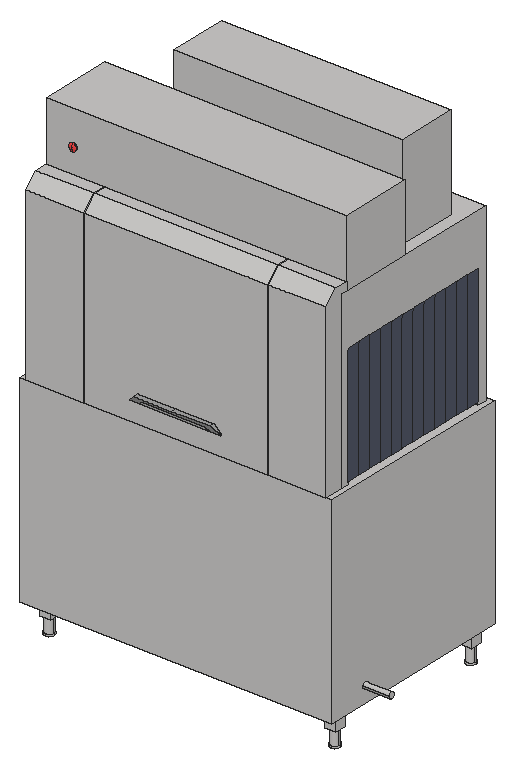
Revit family "QF_ELECTROLUXPROFESSIONAL_520426_ESR20EL3", category Specialty Equipment, Revit 2018
Family settings
  Round Connector Dimension = Use Diameter
  Part Type = Normal
  Work Plane-Based = No
  Always vertical = Yes
  Cut with Voids When Loaded = No
  Shared = No
  Room Calculation Point = No
Parameters
  Weight = 258.00 kg
  Watts = 0 W
  Volts = 0 V
  URL Manufacturer = ""
  URL = ""
  Steam Supply Size = 0 mm
  Steam Supply Minimum Pressure = 0.0 Pa
  Steam Supply Maximum Pressure = 0.0 Pa
  Steam Pounds per Hour = 0
  Show Clearance [instance] = yes
  Refrigeration Suction Line Size = 0 mm
  Refrigeration Liquid Line Size = 0 mm
  Refrigerant Compressor Remote = yes
  Manufacturer = ""
  Phase = 0
  Model = ""
  Length Actual = 1148 mm  # constant formula
  L_R [instance] = yes
  Item Number = ""
  Hot Water Size = 0 mm
  Height Actual = 1846 mm  # constant formula
  HP = "67.7 HP"
  Gas Size = 0 mm
  Gas KW = 0
  Gas Input Pressure = 0 W
  Direct Waste Size = 50.8 mm
  Description = ""
  Depth Actual = 800 mm  # constant formula
  Cycle = 0 Hz
  Condensate Return Size = 0 mm
  Compressed Air Volume = 0.0 L/s
  Compressed Air Size = 0 mm
  Compressed Air Pressure = 0.0 Pa
  Cold Water Size = 0 mm
  Accessory = yes
Types (2, lengths in mm): name | Volts | URL Manufacturer | URL | Manufacturer | Phase | Model | Item Number | Description | Cycle
  (no name) | 0 V | "" | "" | "" | 0 | "" | "" | "" | 0 Hz
  Standard | 220 V | "http://professional.electrolux.com" | "http://professional.electrolux.com" | "Electrolux Professional" | 3 | "ESR20EL3" | "520426" | "SINGLE RINSE RACK TYPE DISHWASHER,200 RACKS/HOUR,ELECTRIC,L>R,220-240V/60HZ/3" | 60 Hz
Reference planes
  plane 1 "Centro (Fronte/Retro)": y = 0
  plane 2: z = 0
  plane 3 "Centro (Sinistra/Destra)": x = 0
  plane 4 "LEFT": x = -574
  plane 5 "RIGHT": x = 574
  plane 6 "BACK": y = 384
  plane 7 "FRONT": y = -384
  plane 8: z = 120
  plane 9: z = 1747
  plane 10: z = 858
  plane 11: z = 1501
  plane 12: z = 1846
  plane 13: x = -526
  plane 14: x = 526
  plane 15: y = -290
  plane 16: y = 336
  plane 17: y = 369
  plane 18: x = -553
  plane 19: x = 553
  plane 20: y = -318
  plane 21: x = -338
  plane 22: x = 338
  plane 23: z = 1308
  plane 24: z = 2000
  plane 25: y = 464
Forms (mm)
  Extrusion 1, solid, material "QF_Finishes_Stainless Steel"
    sketch origin (0, 0, 0) x (1, 0, 0) y (0, 1, 0)
      loop
        line (-574, 384) -> (-574, -364) -> (574, -364) -> (574, 384) -> (-574, 384)
    from 120 to 858
  Extrusion 2, solid, material "QF_Finishes_Stainless Steel"
    sketch origin (0, 0, 0) x (1, 0, 0) y (0, 1, 0)
      loop
        line (-553, 369) -> (-553, -298) -> (553, -298) -> (553, 369) -> (-553, 369)
    from 858 to 1501
  Extrusion 3, solid, material "QF_Finishes_Stainless Steel"
    sketch origin (0, 20, 0) x (0, 1, 0) y (0, 0, 1)
      loop
        line (-384, 858) -> (-318, 858) -> (-318, 1501) -> (-290, 1501) -> (-290, 1531) -> (-340, 1531) -> (-384, 1487) -> (-384, 858)
    from -553 to -338
  Extrusion 4, solid, material "QF_Finishes_Stainless Steel"
    sketch origin (500, 20, 0) x (0, 1, 0) y (0, 0, 1)
      loop
        line (-384, 858) -> (-318, 858) -> (-318, 1501) -> (-290, 1501) -> (-290, 1531) -> (-340, 1531) -> (-384, 1487) -> (-384, 858)
    from -162 to 53
  Extrusion 5, solid, material "QF_Finishes_Stainless Steel"
    sketch origin (540, 20, 0) x (0, 1, 0) y (0, 0, 1)
      loop
        line (-384, 858) -> (-318, 858) -> (-318, 1501) -> (-290, 1501) -> (-290, 1531) -> (-340, 1531) -> (-384, 1487) -> (-384, 858)
    from -878 to -202
  Extrusion 6, solid, material "QF_Finishes_Gray"
    sketch origin (540, -364, 858) x (0, 0, 1) y (-1, 0, 0)
      loop
        line (100, 540) -> (100, 680) -> (71.716, 708.284) -> (71.716, 371.716) -> (100, 400) -> (100, 540)
    from 0 to 20
  Extrusion 7, void
    sketch origin (540, -384, 858) x (0, 0, -1) y (-1, 0, 0)
      loop
        line (-71.716, 670) -> (-85.858, 655.858) -> (-85.858, 540) -> (-85.858, 424.142) -> (-71.716, 410) -> (-71.716, 670)
    from 0 to 15.552
  Extrusion 8, void
    sketch origin (0, 0, 0) x (0, 1, 0) y (0, 0, 1)
      loop
        line (-368.448, 929.716) -> (-384, 958) -> (-384, 929.716) -> (-368.448, 929.716)
    from -266.002 to 250
  Extrusion 9, solid, material "QF_Finishes_Stainless Steel"
    sketch origin (0, 0, 0) x (1, 0, 0) y (0, 1, 0)
      loop
        line (-553, -270) -> (553, -270) -> (553, 0) -> (-553, 0) -> (-553, -270)
    from 1501 to 1747
  Revolve 10, solid, material "QF_Finishes_Red"
    sketch origin (-450, 0, 0) x (0, 1, 0) y (0, 0, 1)
      loop
        line (-270, 1624.5) -> (-270, 1629.5) -> (-275.578, 1629.5) -> (-275.578, 1638.673) -> (-276.708, 1638.673)
        arc (-276.708, 1638.673) -> (-279.647, 1631.859) -> (-280.606, 1624.5) r 26.817
        line (-280.606, 1624.5) -> (-270, 1624.5)
      axis (-270, 1624.5) -> (-280.606, 1624.5)
    angle from 0 to 360
  Extrusion 11, solid, material "QF_Finishes_Stainless Steel"
    sketch origin (0, 0, 0) x (1, 0, 0) y (0, 1, 0)
      loop
        line (509, 42) -> (509, 265) -> (-334, 265) -> (-334, 42) -> (509, 42)
    from 1501 to 1846
  Extrusion 12, void
    sketch origin (-553, -318, 0) x (0, -1, 0) y (0, 0, -1)
      loop
        line (-654, -1308) -> (-53, -1308) -> (-53, -858) -> (-654, -858) -> (-654, -1308)
    from 0 to 1106
  Extrusion 13, solid, material "QF_Finishes_Navy Blue"
    sketch origin (-553, -318, 0) x (0, 1, 0) y (0, 0, -1)
      loop
        line (653, -1308) -> (653, -868) -> (604, -868) -> (604, -1308) -> (653, -1308)
      loop
        line (53, -1308) -> (102, -1308) -> (102, -868) -> (53, -868) -> (53, -1308)
      loop
        line (602, -868) -> (554, -868) -> (554, -1308) -> (602, -1308) -> (602, -868)
      loop
        line (552, -868) -> (504, -868) -> (504, -1308) -> (552, -1308) -> (552, -868)
      loop
        line (502, -868) -> (454, -868) -> (454, -1308) -> (502, -1308) -> (502, -868)
      loop
        line (452, -868) -> (404, -868) -> (404, -1308) -> (452, -1308) -> (452, -868)
      loop
        line (402, -868) -> (354, -868) -> (354, -1308) -> (402, -1308) -> (402, -868)
      loop
        line (352, -868) -> (304, -868) -> (304, -1308) -> (352, -1308) -> (352, -868)
      loop
        line (302, -868) -> (254, -868) -> (254, -1308) -> (302, -1308) -> (302, -868)
      loop
        line (252, -868) -> (204, -868) -> (204, -1308) -> (252, -1308) -> (252, -868)
      loop
        line (202, -868) -> (154, -868) -> (154, -1308) -> (202, -1308) -> (202, -868)
      loop
        line (152, -868) -> (104, -868) -> (104, -1308) -> (152, -1308) -> (152, -868)
    from 0 to -3
  Extrusion 14, solid, material "QF_Finishes_Navy Blue"
    sketch origin (553, -318, 0) x (0, 1, 0) y (0, 0, 1)
      loop
        line (653, 1308) -> (604, 1308) -> (604, 868) -> (653, 868) -> (653, 1308)
      loop
        line (53, 1308) -> (53, 868) -> (102, 868) -> (102, 1308) -> (53, 1308)
      loop
        line (602, 868) -> (602, 1308) -> (554, 1308) -> (554, 868) -> (602, 868)
      loop
        line (552, 868) -> (552, 1308) -> (504, 1308) -> (504, 868) -> (552, 868)
      loop
        line (502, 868) -> (502, 1308) -> (454, 1308) -> (454, 868) -> (502, 868)
      loop
        line (452, 868) -> (452, 1308) -> (404, 1308) -> (404, 868) -> (452, 868)
      loop
        line (402, 868) -> (402, 1308) -> (354, 1308) -> (354, 868) -> (402, 868)
      loop
        line (352, 868) -> (352, 1308) -> (304, 1308) -> (304, 868) -> (352, 868)
      loop
        line (302, 868) -> (302, 1308) -> (254, 1308) -> (254, 868) -> (302, 868)
      loop
        line (252, 868) -> (252, 1308) -> (204, 1308) -> (204, 868) -> (252, 868)
      loop
        line (202, 868) -> (202, 1308) -> (154, 1308) -> (154, 868) -> (202, 868)
      loop
        line (152, 868) -> (152, 1308) -> (104, 1308) -> (104, 868) -> (152, 868)
    from 0 to -3
  Extrusion 15, solid, material "QF_Door-Drawer Clearances", visible <- "Show Clearance", detail levels coarse
    sketch origin (453, -119.301, 494.86) x (0, 1, 0) y (0, 0, 1)
      loop
        line (-178.699, 1036.14) -> (-178.699, 1475.14) -> (-150.699, 1475.14) -> (-150.699, 1505.14) -> (-200.699, 1505.14) -> (-244.699, 1461.14) -> (-244.699, 992.14) -> (-200.699, 1036.14) -> (-178.699, 1036.14)
    from -791 to -115
  Extrusion 16, solid, material "QF_Clearance", visible <- "Show Clearance", detail levels coarse
    sketch origin (0, 0, 0) x (1, 0, 0) y (0, 1, 0)
      loop
        line (-574, 384) -> (574, 384) -> (574, 464) -> (-574, 464) -> (-574, 384)
    from 0 to 1846
  Extrusion 17, solid, material "QF_Finishes_Stainless Steel"
    sketch origin (-553, -318, 0) x (0, 1, 0) y (0, 0, -1)
      loop
        circle (104, -183) r 10
    from 21 to 121
  Extrusion 18, solid, material "QF_Finishes_Stainless Steel"
    sketch origin (553, -318, 0) x (0, 1, 0) y (0, 0, 1)
      loop
        circle (104, 183) r 10
    from 21 to 121
  Extrusion 19, solid, material "QF_Finishes_Stainless Steel"
    sketch origin (487.887, 0, -4.4) x (-1, 0, 0) y (0, 0, 1)
      loop
        circle (943.887, 1646.362) r 10
    from 0 to 35
  Extrusion 20, solid, material "QF_Finishes_Stainless Steel"
    sketch origin (-335, 265, 6.038) x (1, 0, 0) y (0, 0, -1)
      loop
        circle (204, -1740.962) r 10
    from 0 to 10
Cuts and joins
  Extrusion 7, Extrusion 12 cuts Extrusion 2
  Extrusion 7 cuts Extrusion 5
  Extrusion 7, Extrusion 8 cuts Extrusion 6
  Extrusion 12 cuts Extrusion 1
Lines and regions (mm)
  Split face 1
    outline origin (-553, -270, 0) x (1, 0, 0) y (0, 0, 1)
      loop
        line (215, 1501) -> (215, 1747)
      loop
        line (891, 1501) -> (891, 1747)
  Split face 2
    outline origin (-553, -270, 0) x (1, 0, 0) y (0, 0, 1)
      loop
        line (215, 1651) -> (310, 1651) -> (348.837, 1604.716) -> (553, 1604.716) -> (757.163, 1604.716) -> (796, 1651) -> (891, 1651)
  Split face 3
    outline origin (-553, -270, 0) x (1, 0, 0) y (0, 0, 1)
      loop
        line (482.982, 1651) -> (482.982, 1631) -> (512.982, 1631) -> (512.982, 1651) -> (482.982, 1651)
  Split face 4
    outline origin (553, -270, 0) x (-1, 0, 0) y (0, 0, -1)
      loop
        line (455.982, -1651) -> (485.982, -1651) -> (485.982, -1631) -> (455.982, -1631) -> (455.982, -1651)
  symbolic lines
    curve 1: line (-334, 265, 0) -> (509, 265, 0)
    curve 2: line (-334, 42, 0) -> (-334, 265, 0)
    curve 3: line (509, 42, 0) -> (-334, 42, 0)
    curve 4: line (509, 265, 0) -> (509, 42, 0)
    curve 5: line (-574, 384, 0) -> (574, 384, 0)
    curve 6: line (574, 384, 0) -> (574, -364, 0)
    curve 7: line (574, -364, 0) -> (-574, -364, 0)
    curve 8: line (-574, -364, 0) -> (-574, 384, 0)
    curve 9: line (-553, -364, 0) -> (-553, 369, 0)
    curve 10: line (-553, 369, 0) -> (553, 369, 0)
    curve 11: line (553, 369, 0) -> (553, -364, 0)
    curve 12: line (553, -320, 0) -> (-553, -320, 0)
    curve 13: line (-338, -364, 0) -> (-338, -270, 0)
    curve 14: line (-553, -270, 0) -> (553, -270, 0)
    curve 15: line (338, -364, 0) -> (338, -270, 0)
    curve 16: line (526, 0, 0) -> (-553, 0, 0)
    curve 23: line (-168.284, -364, 0) -> (-168.284, -368.448, 0)
    curve 24: line (-168.284, -368.448, 0) -> (-140, -384, 0)
    curve 25: line (-140, -384, 0) -> (140, -384, 0)
    curve 26: line (140, -384, 0) -> (168.284, -368.448, 0)
    curve 27: line (168.284, -368.448, 0) -> (168.284, -364, 0)
  symbolic lines, style "QF_Clearances"
    curve 17: line (-574, 384, 0) -> (-574, 464, 0)
    curve 18: line (-574, 464, 0) -> (574, 464, 0)
    curve 19: line (574, 384, 0) -> (574, 464, 0)
  symbolic lines, style "SpecialityEquipment"
    curve 20: line (100, 129, 0) -> (-100, 129, 0)
  symbolic lines, style "SpecialityEquipment", visible <- "L_R"
    curve 21: line (100, 129, 0) -> (50.207, 87.219, 0)
    curve 22: line (100, 129, 0) -> (50.207, 170.781, 0)
Dimensions and locks
  equal spacing: plane 4 "LEFT", plane 3 "Centro (Sinistra/Destra)", plane 5 "RIGHT"
  plane 4 "LEFT" to plane 5 "RIGHT" = 1148 mm
  equal spacing: plane 6 "BACK", plane 1 "Centro (Fronte/Retro)", plane 7 "FRONT"
  plane 6 "BACK" to plane 7 "FRONT" = 768 mm
  plane 12 to plane 9 to plane 11 to plane 10 to plane 8 to plane 2 = 99 mm, 246 mm, 643 mm, 738 mm, 120 mm
  plane 12 to plane 2 = 1846 mm
  locked: plane 4 "LEFT" to plane 13 at 48
  locked: plane 14 to plane 5 "RIGHT" at 48
  locked: plane 6 "BACK" to plane 16 at 48
  locked: plane 15 to plane 7 "FRONT" at 94
  locked: plane 6 "BACK" to plane 17 at 15
  locked: plane 4 "LEFT" to plane 18 at 21
  locked: plane 19 to plane 5 "RIGHT" at 21
  locked: plane 20 to plane 7 "FRONT" at 66
  locked: plane 21 to plane 18 at 215
  locked: plane 19 to plane 22 at 215
  locked: plane 23 to plane 10 at 450
  plane 24 to plane 2 = 2000 mm
  locked: plane 6 "BACK" to plane 25 at 80
  plane 9 to plane 2 = 1747 mm
  aligned and locked: level to plane 2
  aligned and locked: plane 13 to nested 1
  aligned and locked: nested 1 to plane 15
  aligned and locked: nested 2 to plane 16
  aligned and locked: plane 14 to nested 3
  aligned and locked: nested 4 to plane 16
  aligned and locked: plane 14 to nested 4
  aligned and locked: Extrusion 1 sketch curve to plane 6 "BACK"
  aligned and locked: plane 4 "LEFT" to Extrusion 1 sketch curve
  aligned and locked: Extrusion 1 sketch curve to plane 5 "RIGHT"
  aligned and locked: plane 18 to Extrusion 2 sketch curve
  aligned and locked: Extrusion 2 sketch curve to plane 19
  aligned and locked: Extrusion 2 sketch curve to plane 17
  aligned and locked: Extrusion 3 to plane 18
  aligned and locked: plane 21 to Extrusion 3
  aligned and locked: plane 19 to Extrusion 4
  aligned and locked: Extrusion 4 to plane 22
  aligned and locked: Extrusion 5 to plane 21
  aligned and locked: plane 22 to Extrusion 5
  aligned and locked: Extrusion 2 to Extrusion 3
  aligned and locked: Extrusion 1 to Extrusion 3
  aligned and locked: Extrusion 9 sketch curve to Extrusion 3
  aligned and locked: Extrusion 9 sketch curve to plane 18
  aligned and locked: Extrusion 9 sketch curve to plane 1 "Centro (Fronte/Retro)"
  aligned and locked: plane 19 to Extrusion 12
  aligned and locked: plane 4 "LEFT" to Extrusion 17
  aligned and locked: plane 19 to Extrusion 9
  aligned and locked: Extrusion 16 to plane 25
  aligned and locked: plane 9 to Extrusion 9
Automatic sketch dimensions
  Extrusion 6 sketch curve to plane 3 "Centro (Sinistra/Destra)" = 0 mm
  plane 10 to Extrusion 6 sketch curve = 71.716 mm
  Extrusion 6 sketch curve to Extrusion 6 sketch curve = 28.284 mm  (x3)
  plane 3 "Centro (Sinistra/Destra)" to Extrusion 6 sketch curve = 140 mm
  Extrusion 6 sketch curve to Extrusion 6 sketch curve = 140 mm
  Extrusion 7 sketch curve to Extrusion 6 = 0 mm
  Extrusion 6 to Extrusion 7 sketch curve = 14.142 mm
  Extrusion 6 to Extrusion 7 sketch curve = 27.071 mm
  Extrusion 7 sketch curve to Extrusion 7 sketch curve = 14.142 mm  (x2)
  Extrusion 7 sketch curve to Extrusion 7 sketch curve = 115.858 mm  (x2)
  Split face 2 sketch curve to Split face 2 sketch curve = 38.837 mm  (x2)
  Split face 2 sketch curve to Split face 2 sketch curve = 204.163 mm  (x2)
  Split face 2 sketch curve to Split face 2 sketch curve = 95 mm  (x2)
  Split face 3 sketch curve to Split face 3 sketch curve = 30 mm
  Split face 3 sketch curve to Split face 3 sketch curve = 20 mm
  Split face 4 sketch curve to Split face 4 sketch curve = 30 mm
  Split face 4 sketch curve to Split face 4 sketch curve = 20 mm
  Split face 1 sketch curve to Split face 1 sketch curve = 676 mm
  Split face 1 sketch curve to Split face 1 sketch curve = 0 mm
  Split face 1 sketch curve to Split face 1 sketch curve = 246 mm  (x2)
  Split face 2 sketch curve to Split face 2 sketch curve = 46.284 mm  (x2)
  plane 13 to Extrusion 19 sketch curve = 70 mm
  Extrusion 19 sketch curve to plane 9 = 105.038 mm
  plane 7 "FRONT" to Extrusion 1 sketch curve = 20 mm
  Extrusion 2 sketch curve to plane 15 = 8 mm
  Extrusion 3 sketch curve to plane 10 = 0 mm
  Extrusion 3 sketch curve to plane 11 = 0 mm
  plane 7 "FRONT" to Extrusion 3 sketch curve = 20 mm
  Extrusion 3 sketch curve to plane 20 = 2 mm
  Extrusion 3 sketch curve to plane 15 = 8 mm
  plane 15 to Extrusion 3 sketch curve = 20 mm
  Extrusion 3 sketch curve to plane 11 = 14 mm
  plane 11 to Extrusion 3 sketch curve = 30 mm
  Extrusion 4 sketch curve to plane 10 = 0 mm
  Extrusion 4 sketch curve to plane 11 = 0 mm
  plane 7 "FRONT" to Extrusion 4 sketch curve = 20 mm
  Extrusion 4 sketch curve to plane 20 = 2 mm
  Extrusion 4 sketch curve to plane 15 = 8 mm
  plane 15 to Extrusion 4 sketch curve = 20 mm
  Extrusion 4 sketch curve to plane 11 = 14 mm
  plane 11 to Extrusion 4 sketch curve = 30 mm
  Extrusion 5 sketch curve to plane 10 = 0 mm
  Extrusion 5 sketch curve to plane 11 = 0 mm
  plane 7 "FRONT" to Extrusion 5 sketch curve = 20 mm
  Extrusion 5 sketch curve to plane 20 = 2 mm
  Extrusion 5 sketch curve to plane 15 = 8 mm
  plane 15 to Extrusion 5 sketch curve = 20 mm
  Extrusion 5 sketch curve to plane 11 = 14 mm
  plane 11 to Extrusion 5 sketch curve = 30 mm
  Extrusion 8 sketch curve to plane 7 "FRONT" = 0 mm
  plane 7 "FRONT" to Extrusion 8 sketch curve = 15.552 mm
  plane 10 to Extrusion 8 sketch curve = 71.716 mm
  Extrusion 8 sketch curve to Extrusion 8 sketch curve = 28.284 mm
  Extrusion 9 sketch curve to plane 19 = 0 mm
  plane 15 to Revolve 10 sketch curve = 9.394 mm
  plane 15 to Revolve 10 sketch curve = 13.292 mm
  Revolve 10 sketch curve to Revolve 10 sketch curve = 5.028 mm
  Revolve 10 sketch curve to Revolve 10 sketch curve = 5.578 mm
  Revolve 10 sketch curve to Revolve 10 sketch curve = 16.21 mm
  Revolve 10 sketch curve to plane 9 = 122.5 mm  (x2)
  Revolve 10 sketch curve to Revolve 10 sketch curve = 0.248 mm
  Revolve 10 sketch curve to Revolve 10 sketch curve = 5 mm
  Revolve 10 sketch curve to plane 7 "FRONT" = 66 mm
  Revolve 10 sketch curve to Revolve 10 sketch curve = 0 mm
  plane 21 to Extrusion 11 sketch curve = 4 mm
  Extrusion 11 sketch curve to plane 14 = 17 mm
  Extrusion 11 sketch curve to plane 1 "Centro (Fronte/Retro)" = 42 mm
  Extrusion 11 sketch curve to plane 16 = 71 mm
  Extrusion 2 to Extrusion 12 sketch curve = 0 mm
  Extrusion 12 sketch curve to Extrusion 2 = 33 mm
  Extrusion 2 to Extrusion 12 sketch curve = 33 mm
  Extrusion 12 sketch curve to Extrusion 2 = 193 mm
  Extrusion 2 to Extrusion 13 sketch curve = 10 mm  (x9)
  Extrusion 13 sketch curve to Extrusion 2 = 33 mm
  Extrusion 13 sketch curve to Extrusion 13 sketch curve = 49 mm
  Extrusion 13 sketch curve to Extrusion 13 sketch curve = 2 mm  (x11)
  Extrusion 13 sketch curve to Extrusion 13 sketch curve = 48 mm  (x10)
  Extrusion 2 to Extrusion 13 sketch curve = 34 mm
  Extrusion 13 sketch curve to Extrusion 13 sketch curve = 0 mm  (x13)
  Extrusion 2 to Extrusion 13 sketch curve = 193 mm  (x2)
  Extrusion 14 sketch curve to plane 23 = 0 mm  (x12)
  plane 10 to Extrusion 14 sketch curve = 10 mm  (x9)
  plane 15 to Extrusion 14 sketch curve = 25 mm
  Extrusion 14 sketch curve to Extrusion 14 sketch curve = 49 mm
  Extrusion 14 sketch curve to Extrusion 14 sketch curve = 2 mm  (x11)
  Extrusion 14 sketch curve to Extrusion 14 sketch curve = 48 mm  (x8)
  plane 1 "Centro (Fronte/Retro)" to Extrusion 14 sketch curve = 16 mm
  Extrusion 14 sketch curve to plane 1 "Centro (Fronte/Retro)" = 34 mm
  Extrusion 14 sketch curve to plane 16 = 1 mm
  Extrusion 14 sketch curve to Extrusion 14 sketch curve = 0 mm  (x3)
  Extrusion 15 sketch curve to plane 24 = 0 mm
  plane 7 "FRONT" to Extrusion 15 sketch curve = 20 mm
  Extrusion 15 sketch curve to plane 20 = 2 mm  (x2)
  Extrusion 15 sketch curve to plane 15 = 8 mm
  plane 15 to Extrusion 15 sketch curve = 20 mm
  Extrusion 15 sketch curve to plane 24 = 30 mm
  Extrusion 15 sketch curve to plane 24 = 44 mm
  plane 11 to Extrusion 15 sketch curve = 30 mm
  Extrusion 15 sketch curve to plane 11 = 14 mm
  Extrusion 16 sketch curve to plane 4 "LEFT" = 0 mm
  Extrusion 16 sketch curve to plane 5 "RIGHT" = 0 mm
  Extrusion 16 sketch curve to plane 6 "BACK" = 0 mm
  plane 25 to Extrusion 16 sketch curve = 0 mm
  Extrusion 17 sketch curve to Extrusion 2 = 84 mm
  Extrusion 17 sketch curve to Extrusion 2 = 675 mm
  plane 15 to Extrusion 18 sketch curve = 76 mm
  plane 8 to Extrusion 18 sketch curve = 63 mm
  Extrusion 20 sketch curve to Extrusion 11 = 203 mm
  Extrusion 11 to Extrusion 20 sketch curve = 99 mm
  curve 18 to plane 4 "LEFT" = 0 mm
  curve 12 to plane 18 = 0 mm
  curve 13 to plane 21 = 0 mm
  curve 25 to plane 7 "FRONT" = 0 mm
  curve 15 to plane 22 = 0 mm
  plane 1 "Centro (Fronte/Retro)" to curve 16 = 0 mm
  curve 16 to plane 14 = 0 mm
  plane 17 to curve 11 = 0 mm
  curve 11 to plane 19 = 0 mm
  curve 5 to plane 5 "RIGHT" = 0 mm
  curve 5 to plane 6 "BACK" = 0 mm
  plane 25 to curve 18 = 0 mm
  plane 21 to curve 2 = 4 mm
  plane 7 "FRONT" to curve 24 = 15.552 mm
  curve 24 to plane 3 "Centro (Sinistra/Destra)" = 168.284 mm
  curve 23 to curve 25 = 28.284 mm
  plane 3 "Centro (Sinistra/Destra)" to curve 21 = 100 mm
  plane 3 "Centro (Sinistra/Destra)" to curve 25 = 140 mm
  curve 4 to plane 14 = 17 mm
  curve 2 to plane 1 "Centro (Fronte/Retro)" = 42 mm
  curve 22 to plane 1 "Centro (Fronte/Retro)" = 129 mm
  curve 1 to plane 16 = 71 mm
  curve 20 to plane 3 "Centro (Sinistra/Destra)" = 100 mm
  plane 3 "Centro (Sinistra/Destra)" to curve 22 = 50.207 mm
  plane 3 "Centro (Sinistra/Destra)" to curve 21 = 50.207 mm
  curve 25 to curve 27 = 28.284 mm
  plane 7 "FRONT" to curve 26 = 15.552 mm
  curve 26 to curve 27 = 4.448 mm
  curve 12 to plane 20 = 2 mm
  plane 15 to curve 15 = 20 mm
  curve 21 to curve 20 = 41.781 mm
  curve 20 to curve 22 = 41.781 mm
  radius of Extrusion 19 sketch curve = 10 mm
  radius of Extrusion 17 sketch curve = 10 mm
  radius of Extrusion 18 sketch curve = 10 mm
  radius of Extrusion 20 sketch curve = 10 mm
Nested families
  nested 1: "Foot_40x40_H150" at (-526, -290, 0), type "Foot_40x40_H150"
  nested 2: "Foot_40x40_H150" at (-526, 336, 0), type "Foot_40x40_H150"
  nested 3: "Foot_40x40_H150" at (526, -290, 0), type "Foot_40x40_H150"
  nested 4: "Foot_40x40_H150" at (526, 336, 0), type "Foot_40x40_H150"
Connectors
  piping at (-674, -214, 183), diameter 20
    settings: on Extrusion 17, index 1, connector inside diameter 609.6 mm, connector length 0 mm, flow factor 0, pipe flow 0.0 L/s, pressure drop 0.0 Pa, fitting loss kfactor 0, connector angle 0.00°, fixture units 0, engagement length 0 mm, angle of deflection 0.00°, flow configuration 1, flow direction 2, fitting loss method 0, system type 16, joint type 0, gender type 0, connector reference index -1, connector utility 0, adjustable connector no, is connector primary yes, connector description "Drain"
  piping at (674, -214, 183), diameter 20
    settings: on Extrusion 18, index 2, connector inside diameter 609.6 mm, connector length 0 mm, flow factor 0, pipe flow 0.0 L/s, pressure drop 0.0 Pa, fitting loss kfactor 0, connector angle 0.00°, fixture units 0, engagement length 0 mm, angle of deflection 0.00°, flow configuration 1, flow direction 2, fitting loss method 0, system type 16, joint type 0, gender type 0, connector reference index -1, connector utility 0, adjustable connector no, is connector primary no, connector description "Drain"
  electrical at (-456, 35, 1641.962)
    settings: on Extrusion 19, index 3, voltage 0 V, apparent load 0 VA, apparent load phase1 0 VA, apparent load phase2 0 VA, apparent load phase3 0 VA, power factor 1, load classification "Altro", number of poles 1, system type 30, power factor state 1, is connector primary yes, connector utility no, sub classification motor no, connector description "Electrical"
  piping at (-131, 275, 1747), diameter 609.6
    settings: on Extrusion 20, index 4, connector inside diameter 609.6 mm, connector length 0 mm, flow factor 0, pipe flow 0.0 L/s, pressure drop 0.0 Pa, fitting loss kfactor 0, connector angle 0.00°, fixture units 0, engagement length 0 mm, angle of deflection 0.00°, flow configuration 0, flow direction 0, fitting loss method 0, system type 20, joint type 0, gender type 0, connector reference index -1, connector utility 0, adjustable connector no, is connector primary no, connector description "Cold Water"
Definition of nested family "Foot_40x40_H150"
  Reference planes
    plane 1 "Centro (Fronte/Retro)": y = 0
    plane 2: z = 0
    plane 3 "Centro (Sinistra/Destra)": x = 0
    plane 4: z = 120
  Forms (mm)
    Extrusion 1, solid
      sketch origin (0, 0, 0) x (1, 0, 0) y (0, 1, 0)
        loop
          circle (0, 0) r 18
      from 0 to 5
    Extrusion 2, solid
      sketch origin (0, 0, 5) x (1, 0, 0) y (0, 1, 0)
        loop
          circle (0, 0) r 15
      from 0 to 55
    Extrusion 3, solid
      sketch origin (0, 0, 60) x (1, 0, 0) y (0, 1, 0)
        loop
          line (-20, 20) -> (-20, -20) -> (20, -20) -> (20, 20) -> (-20, 20)
      from 0 to 60
  Dimensions and locks
    aligned and locked: level to plane 2
    aligned and locked: plane 4 to Extrusion 3
    aligned and locked: Extrusion 1 to level
